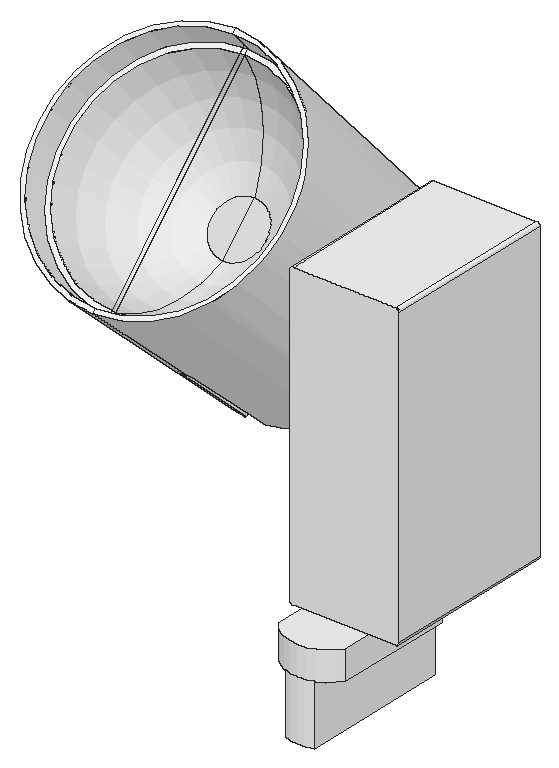
Revit family "0004881 Feilo Sylvania Lighting Fixture START TRACK SPOT L 55W 4K RA90 MB WHITE", category Lighting Fixtures, host Face, Revit 2017
Family settings
  Host = Face
  Round Connector Dimension = Use Diameter
  Part Type = Normal
  OmniClass Number = 23.80.70.00
  OmniClass Title = Lighting
  Cut with Voids When Loaded = No
  Light Source = No
  Shared = No
  Room Calculation Point = No
Parameters (values of type "0004881 START TRACK SPOT L 55W 4K RA90 MB WHITE")
  Weight = "1.398 kg"
  Wattage Comments = ""
  WarrantyStartDate [instance] = "n/a"
  WarrantyGuarantorParts = "n/a"
  WarrantyDurationUnit = "n/a"
  WarrantyDurationParts = "n/a"
  WarrantyDescription = "n/a"
  Voltage = 230 V
  URL = "http://www.sylvania-lighting.com"
  TypeName = "START TRACK SPOT L 55W 4K RA90 MB WHITE"
  TypeHead_FEILO = Start Track Spot Head : 0004881 START TRACK SPOT L 55W 4K RA90 MB WHITE
  TypeBox_FEILO = Start Track Spot Box : Type Large White
  Type Image = <None>
  Type Comments = "n/a"
  VerticalRotation_FEILO [instance] = 0.00°
  SlideEndAngle_FEILO [instance] = VerticalRotation_FEILO + 180.00°  # 180.00°
  SerialNumber [instance] = "n/a"
  Material_3_FEILO = none
  PowerFactor = 0.96
  PowerConsumption = "55 W"
  NominalLength = 0 mm
  NominalHeight = 240 mm
  NominalDepth = 164 mm
  Name = "START TRACK SPOT L 55W 4K RA90 MB WHITE"
  ModelReference = Name  # "START TRACK SPOT L 55W 4K RA90 MB WHITE"
  ModelNumber = "0004881"
  Model = Name  # "START TRACK SPOT L 55W 4K RA90 MB WHITE"
  Material = "adc12 aluminium housing, polycarbonate diffuser"
  ManufacturerName = "Feilo Sylvania"
  Manufacturer = "Feilo Sylvania"
  LuminousEfficacy = "89 lm/W"
  LuminaireType = ""
  LightOutputRatio = "100"
  LampsType = Lamp  # "LED"
  LampNominalLuminous = "4897 lm"
  LampMacAdamStep = "3"
  LampColourTemperature = "4000 K"
  LampColourRenderingIndex = "90"
  Lamp = "LED"
  Keynote = "16500"
  InstallationDate [instance] = "n/a"
  InputVoltage = "230-240V~"
  InputNominalFrequency = "50/60 Hz"
  IngressProtection = "IP20"
  ImpactProtectionIndex = "IK02"
  IfcExportType = "IfcLightFixtureType"
  IfcExportAs = "IfcLightFixtureType"
  HorizontalRotation_FEILO [instance] = 45.00°
  ExpectedLife = 50000
  ElectricShockClassification = "Class II"
  DurationUnit = "hours"
  DocumentationLiterature = "http://www.sylvania-lighting.com/product/en-int/products/0004881"
  DimmingControlOptions = "Non dimmable"
  Material_2_FEILO = none
  Description = "Integrated LED spotlight, Textured White - RAL9016, compact and minimalist design, ideal for retail applications, die-cast aluminium body, passive cooling heatsink. Beam angle: 38°, color temperature: 4000K , total system power: 55W, total fixture output: 4897 lm, LOR: 100%, colour rendering: Ra: 90 typical, LED Chromaticity: 3 step MacAdam ellipse, lifetime: >50000 hours at L70B50, energy class: A++, A+, A, IR/UV free light source without heat radiation, operating voltage: 220-240V / 50-60Hz, drive current: 1400mA, electronic driver, non-dimmable, power factor: 0.96, electrical protection: Class II, Global Track 3 Phase adapter suitable for Global trac 3-circuit tracks, ingress protection rating: IP20, suitable for internal environment only, horizontal rotation: 355°, vertical tilt: 90°, dimensions: Ø113x164x240, weight: 1.398kg."
  Default Elevation = 1219.2 mm
  CreatedOn = "12/12/2017"
  CreatedBy = ""
  Cost = 0
  built-in parameter 1114216 [instance] = (empty or 0)
  ClassificationValue = "EF_70_80"
  ClassificationName = "Uniclass2015"
  Material_1_FEILO = Body-Sylvania-StartTrackSpot-White
  BarCode [instance] = "n/a"
  AssetType = "Fixed"
  AssetIdentifier [instance] = "n/a"
  Assembly Code = "D5020200"
  Apparent Load = 55 VA
  Material_4_FEILO = none
Reference planes
  plane 1 "Center (Front/Back)": y = 0
  plane 2: z = 0
  plane 3 "Center (Left/Right)": x = 0
  plane 4: x = 15
  plane 5: x = -15
  plane 6: y = 35
  plane 7: y = -35
  plane 8: z = 13
  plane 9: z = -27
  plane 10: x = 6.5
  plane 11: x = -6.5
  plane 12: y = 27
  plane 13: y = -27
  plane 14: y = 20
Forms (mm)
  Extrusion 1, solid, material "Body-Sylvania-StartTrackSpot-White" <- "Material_1_FEILO"
    sketch origin (0, 0, 0) x (1, 0, 0) y (0, 1, 0)
      loop
        line (-15, 27) -> (-15, -27)
        arc (-15, -27) -> (0, -35) -> (15, -27) r 18.062
        line (15, -27) -> (15, 27)
        arc (15, 27) -> (0, 35) -> (-15, 27) r 18.062
    from 0 to 13
  Extrusion 2, solid, material "Body-Sylvania-StartTrackSpot-White" <- "Material_1_FEILO"
    sketch origin (0, 0, 0) x (1, 0, 0) y (0, 1, 0)
      loop
        arc (6.5, 33.79) -> (0, 35) -> (-6.5, 33.79) r 18.062
        line (-6.5, 33.79) -> (-6.5, -33.79)
        arc (-6.5, -33.79) -> (0, -35) -> (6.5, -33.79) r 18.062
        line (6.5, -33.79) -> (6.5, 33.79)
    from 0 to -27
  Revolve 3, solid, not visible
    sketch origin (1524, 20, 1219.2) x (1, 0, 0) y (0, 0, 1)
      loop
        line (-1524, -1206.2) -> (-1524, -1191.285) -> (-1530.5, -1191.285) -> (-1530.5, -1206.2) -> (-1524, -1206.2)
      axis (-1524, -1191.285) -> (-1524, -1206.2)
    angle from 0 <- "VerticalRotation_FEILO" to 180 <- "SlideEndAngle_FEILO"
Cuts and joins
  joined: Extrusion 1, Extrusion 2
Dimensions and locks
  equal spacing: plane 10, plane 3 "Center (Left/Right)", plane 11
  equal spacing: plane 4, plane 3 "Center (Left/Right)", plane 5
  locked: plane 8 to plane 2 at 13
  locked: plane 8 to plane 9 at 40
  equal spacing: plane 13, plane 1 "Center (Front/Back)", plane 12
  locked: plane 12 to plane 6 at 8
  locked: plane 14 to plane 6 at 15
  locked: Revolve 3 sketch curve to plane 8 at 14.915
  aligned and locked: plane 2 to host face
  aligned and locked: level to host face
  aligned and locked: plane 5 to Extrusion 1 sketch curve  (x2)
  aligned and locked: plane 12 to Extrusion 1 sketch curve
  aligned and locked: plane 13 to Extrusion 1 sketch curve
  aligned and locked: plane 4 to Extrusion 1 sketch curve
  aligned and locked: Extrusion 1 to plane 8
  aligned and locked: Extrusion 1 to level
  aligned and locked: Extrusion 2 sketch curve to Extrusion 1  (x2)
  aligned and locked: Extrusion 2 sketch curve to plane 11
  aligned and locked: plane 10 to Extrusion 2 sketch curve
  aligned and locked: plane 9 to Extrusion 2
  aligned and locked: level to Extrusion 2
  aligned and locked: Revolve 3 sketch curve to plane 3 "Center (Left/Right)"  (x2)
  aligned and locked: plane 11 to Revolve 3 sketch curve
  aligned and locked: Revolve 3 sketch curve to plane 8
Automatic sketch dimensions
  host sketch curve to host sketch curve = 2438.4 mm  (x2)
  Extrusion 1 sketch curve to plane 3 "Center (Left/Right)" = 0 mm  (x2)
  Extrusion 1 sketch curve to plane 13 = 10.062 mm
  plane 12 to Extrusion 1 sketch curve = 10.062 mm
  Revolve 3 sketch curve to plane 3 "Center (Left/Right)" = 0 mm
  plane 9 to Revolve 3 sketch curve = 582.6 mm
  Revolve 3 sketch curve to Revolve 3 sketch curve = 2581.144 mm
Nested families
  nested 1: "Start Track Spot Head" at (-75.5, 20, 133) x (0, 0.7071, 0.7071) z (0, 0.7071, -0.7071), type <- "TypeHead_FEILO", type "0004881 START TRACK SPOT L 55W 4K RA90 MB WHITE"
    with built-in parameter 1114216 (empty or 0)
  nested 2: "Start Track Spot Box" at (8.5, 20, 85) x (-1, 0, 0) z (0, -1, 0), BoxStartAngle_FEILO <- "HorizontalRotation_FEILO", type <- "TypeBox_FEILO", type "Type Large White"
    with BoxStartAngle_FEILO 45.00°, BoxEndAngle_FEILO -135.00°
Connectors
  electrical at (0, 0, 0), driven by "Apparent Load", driven by "PowerFactor", driven by "Voltage"
    settings: index 1, voltage 230 V, apparent load 55 VA, apparent load phase1 0 VA, apparent load phase2 0 VA, apparent load phase3 0 VA, power factor 0.96, load classification "Lighting", number of poles 1, system type 30, power factor state 1, is connector primary yes, connector utility no, sub classification motor no, connector description ""
Definition of nested family "Start Track Spot Head"
  Parameters (values of type "0004811 START TRACK SPOT S 14W 3K RA80 NB WHITE")
    Wattage Comments = "n/a"
    Wattage = 14 W
    built-in parameter 1150110 = 1 (stored number, unit not read)
    URL = "http://www.feilosylvania.com"
    Type Image = (empty or 0)
    Type Comments = "n/a"
    built-in parameter 1114217 = 1 (stored number, unit not read)
    Tilt Angle = -90.00°
    built-in parameter 1150109 = 1 (stored number, unit not read)
    built-in parameter 1150134 = (empty or 0)
    built-in parameter 1150113 = 1 (stored number, unit not read)
    Photometric Web File = "0004811.ies"
    Material_3_FEILO = none
    Model = "START TRACK SPOT S 14W 3K RA80 NB WHITE"
    Manufacturer = "Feilo Sylvania"
    built-in parameter 1150105 = 123.66 (stored number, unit not read)
    Lumens = 1554 lm
    built-in parameter 1150115 = 1 (stored number, unit not read)
    built-in parameter 1150137 = (empty or 0)
    built-in parameter 1150139 = (empty or 0)
    built-in parameter 1150112 = 1 (stored number, unit not read)
    built-in parameter 1150114 = 1 (stored number, unit not read)
    Lamp = "LED"
    Keynote = "16500"
    Material_2_FEILO = none
    built-in parameter 1150132 = (empty or 0)
    built-in parameter 1150102 = (empty or 0)
    built-in parameter 1150107 = 3000 (stored number, unit not read)
    built-in parameter 1150138 = (empty or 0)
    built-in parameter 1150106 = 1.2366 (stored number, unit not read)
    HeadThickness_FEILO = if(HeadDiaOut_FEILO > 112 mm, 2 mm, 1.5 mm)  # 1.5 mm
    HeadRibOffset_FEILO = HeadHeight_FEILO / 28  # 4.179 mm
    HeadRibDepth_FEILO = HeadHeight_FEILO / 2.1  # 55.714 mm
    HeadRibCutWidth_FEILO = HeadDiaOut_FEILO / 12  # 7.167 mm
    HeadRibCutOffset_FEILO = HeadHeight_FEILO / 2.3  # 50.87 mm
    HeadReflectorRadius_FEILO = HeadDiaOut_FEILO / 1.7  # 50.588 mm
    HeadReflectorOffset_FEILO = HeadHeight_FEILO / 2.1  # 55.714 mm
    HeadLEDRadius_FEILO = HeadDiaOut_FEILO / 9  # 9.556 mm
    HeadHeight_FEILO = 117 mm
    HeadDraft_FEILO = 1 mm
    HeadDiffusorThickness_FEILO = 3 mm
    HeadDiffusorOffset_FEILO = HeadHeight_FEILO / 12.4  # 9.435 mm
    HeadDiaOut_FEILO = 86 mm
    HeadDiaIn_FEILO = HeadDiaOut_FEILO / 1.11  # 77.477 mm
    HeadAxisFromTop_FEILO = HeadHeight_FEILO / 1.687  # 69.354 mm
    Emit from Circle Diameter = HeadDiaIn_FEILO  # 77.477 mm
    Emit Shape Visible in Rendering = no
    built-in parameter 1150104 = 10.312 (stored number, unit not read)
    Dimming Lamp Color Temperature Shift = (empty or 0)
    Description = "Integrated LED spotlight, Textured White - RAL9016, compact and minimalist design, ideal for retail applications, die-cast aluminium body, passive cooling heatsink. Beam angle: 12°, color temperature: 3000K , total system power: 14W, total fixture output: 1551 lm, LOR: 100%, colour rendering: Ra: 80 typical, LED Chromaticity: 3 step MacAdam ellipse, lifetime: >50000 hours at L70B50, energy class: A++, A+, A, IR/UV free light source without heat radiation, operating voltage: 220-240V / 50-60Hz, drive current: 350mA, electronic driver, non-dimmable, power factor: 0.92, electrical protection: Class II, Global Track 3 Phase adapter suitable for Global trac 3-circuit tracks, ingress protection rating: IP20, suitable for internal environment only, horizontal rotation: 355°, vertical tilt: 90°, dimensions: Ø86x140x200, weight: 0.940kg."
    Default Elevation = 1219.2 mm
    Cost = 0
    Color Filter = 16777215
    built-in parameter 1114216 [instance] = (empty or 0)
    Material_1_FEILO = none
    built-in parameter 1114218 = 1 (stored number, unit not read)
    built-in parameter 1150133 = 10 (stored number, unit not read)
    Assembly Code = "D5020200"
    Apparent Load = 14 VA
    Material_4_FEILO = none
  Types (96, lengths in mm): name | Wattage | built-in parameter 1150134 | Photometric Web File | Model | built-in parameter 1150105 | Lumens | built-in parameter 1150107 | built-in parameter 1150106 | HeadThickness_FEILO | HeadRibOffset_FEILO | HeadRibDepth_FEILO | HeadRibCutWidth_FEILO | HeadRibCutOffset_FEILO | HeadReflectorRadius_FEILO | HeadReflectorOffset_FEILO | HeadLEDRadius_FEILO | HeadHeight_FEILO | HeadDiffusorOffset_FEILO | HeadDiaOut_FEILO | HeadDiaIn_FEILO | HeadAxisFromTop_FEILO | Emit from Circle Diameter | built-in parameter 1150104 | Description | Apparent Load
    0004906 START TRACK SPOT L 55W 4K RA90 WB BLACK | 55 W | 12 | "0004906.ies" | "START TRACK SPOT L 55W 4K RA90 WB BLACK" | 385.15 (stored number, unit not read) | 4840 lm | 4000 (stored number, unit not read) | 3.8515 (stored number, unit not read) | 2 | 4.429 | 59.048 | 9.417 | 53.913 | 66.471 | 59.048 | 12.556 | 124 | 10 | 113 | 101.802 | 73.503 | 101.802 | 8.1755 (stored number, unit not read) | "Integrated LED spotlight, Textured Black - RAL9005, compact and minimalist design, ideal for retail applications, die-cast aluminium body, passive cooling heatsink. Beam angle: 52°, color temperature: 4000K , total system power: 55W, total fixture output: 4824 lm, LOR: 100%, colour rendering: Ra: 90 typical, LED Chromaticity: 3 step MacAdam ellipse, lifetime: >50000 hours at L70B50, energy class: A++, A+, A, IR/UV free light source without heat radiation, operating voltage: 220-240V / 50-60Hz, drive current: 1400mA, electronic driver, non-dimmable, power factor: 0.96, electrical protection: Class II, Global Track 3 Phase adapter suitable for Global trac 3-circuit tracks, ingress protection rating: IP20, suitable for internal environment only, horizontal rotation: 355°, vertical tilt: 90°, dimensions: Ø113x164x240, weight: 1.398kg." | 55 VA
    0004905 START TRACK SPOT L 55W 4K RA90 MB BLACK | 55 W | 12 | "0004905.ies" | "START TRACK SPOT L 55W 4K RA90 MB BLACK" | 389.53 (stored number, unit not read) | 4895 lm | 4000 (stored number, unit not read) | 3.8953 (stored number, unit not read) | 2 | 4.429 | 59.048 | 9.417 | 53.913 | 66.471 | 59.048 | 12.556 | 124 | 10 | 113 | 101.802 | 73.503 | 101.802 | 8.2684 (stored number, unit not read) | "Integrated LED spotlight, Textured Black - RAL9005, compact and minimalist design, ideal for retail applications, die-cast aluminium body, passive cooling heatsink. Beam angle: 38°, color temperature: 4000K , total system power: 55W, total fixture output: 4897 lm, LOR: 100%, colour rendering: Ra: 90 typical, LED Chromaticity: 3 step MacAdam ellipse, lifetime: >50000 hours at L70B50, energy class: A++, A+, A, IR/UV free light source without heat radiation, operating voltage: 220-240V / 50-60Hz, drive current: 1400mA, electronic driver, non-dimmable, power factor: 0.96, electrical protection: Class II, Global Track 3 Phase adapter suitable for Global trac 3-circuit tracks, ingress protection rating: IP20, suitable for internal environment only, horizontal rotation: 355°, vertical tilt: 90°, dimensions: Ø113x164x240, weight: 1.398kg." | 55 VA
    0004904 START TRACK SPOT L 55W 4K RA90 NB BLACK | 55 W | 12 | "0004904.ies" | "START TRACK SPOT L 55W 4K RA90 NB BLACK" | 393.91 (stored number, unit not read) | 4950 lm | 4000 (stored number, unit not read) | 3.9391 (stored number, unit not read) | 2 | 4.429 | 59.048 | 9.417 | 53.913 | 66.471 | 59.048 | 12.556 | 124 | 10 | 113 | 101.802 | 73.503 | 101.802 | 8.3613 (stored number, unit not read) | "Integrated LED spotlight, Textured Black - RAL9005, compact and minimalist design, ideal for retail applications, die-cast aluminium body, passive cooling heatsink. Beam angle: 15°, color temperature: 4000K , total system power: 55W, total fixture output: 4965 lm, LOR: 100%, colour rendering: Ra: 90 typical, LED Chromaticity: 3 step MacAdam ellipse, lifetime: >50000 hours at L70B50, energy class: A++, A+, A, IR/UV free light source without heat radiation, operating voltage: 220-240V / 50-60Hz, drive current: 1400mA, electronic driver, non-dimmable, power factor: 0.96, electrical protection: Class II, Global Track 3 Phase adapter suitable for Global trac 3-circuit tracks, ingress protection rating: IP20, suitable for internal environment only, horizontal rotation: 355°, vertical tilt: 90°, dimensions: Ø113x164x240, weight: 1.398kg." | 55 VA
    0004903 START TRACK SPOT L 35W 4K RA90 WB BLACK | 35 W | 12 | "0004903.ies" | "START TRACK SPOT L 35W 4K RA90 WB BLACK" | 284.09 (stored number, unit not read) | 3570 lm | 4000 (stored number, unit not read) | 2.8409 (stored number, unit not read) | 2 | 4.429 | 59.048 | 9.417 | 53.913 | 66.471 | 59.048 | 12.556 | 124 | 10 | 113 | 101.802 | 73.503 | 101.802 | 9.4761 (stored number, unit not read) | "Integrated LED spotlight, Textured Black - RAL9005, compact and minimalist design, ideal for retail applications, die-cast aluminium body, passive cooling heatsink. Beam angle: 52°, color temperature: 4000K , total system power: 35W, total fixture output: 3562 lm, LOR: 100%, colour rendering: Ra: 90 typical, LED Chromaticity: 3 step MacAdam ellipse, lifetime: >50000 hours at L70B50, energy class: A++, A+, A, IR/UV free light source without heat radiation, operating voltage: 220-240V / 50-60Hz, drive current: 900mA, electronic driver, non-dimmable, power factor: 0.93, electrical protection: Class II, Global Track 3 Phase adapter suitable for Global trac 3-circuit tracks, ingress protection rating: IP20, suitable for internal environment only, horizontal rotation: 355°, vertical tilt: 90°, dimensions: Ø113x164x240, weight: 1.368kg." | 35 VA
    0004902 START TRACK SPOT L 35W 4K RA90 MB BLACK | 35 W | 12 | "0004902.ies" | "START TRACK SPOT L 35W 4K RA90 MB BLACK" | 286.88 (stored number, unit not read) | 3605 lm | 4000 (stored number, unit not read) | 2.8688 (stored number, unit not read) | 2 | 4.429 | 59.048 | 9.417 | 53.913 | 66.471 | 59.048 | 12.556 | 124 | 10 | 113 | 101.802 | 73.503 | 101.802 | 9.569 (stored number, unit not read) | "Integrated LED spotlight, Textured Black - RAL9005, compact and minimalist design, ideal for retail applications, die-cast aluminium body, passive cooling heatsink. Beam angle: 38°, color temperature: 4000K , total system power: 35W, total fixture output: 3616 lm, LOR: 100%, colour rendering: Ra: 90 typical, LED Chromaticity: 3 step MacAdam ellipse, lifetime: >50000 hours at L70B50, energy class: A++, A+, A, IR/UV free light source without heat radiation, operating voltage: 220-240V / 50-60Hz, drive current: 900mA, electronic driver, non-dimmable, power factor: 0.93, electrical protection: Class II, Global Track 3 Phase adapter suitable for Global trac 3-circuit tracks, ingress protection rating: IP20, suitable for internal environment only, horizontal rotation: 355°, vertical tilt: 90°, dimensions: Ø113x164x240, weight: 1.368kg." | 35 VA
    0004901 START TRACK SPOT L 35W 4K RA90 NB BLACK | 35 W | 12 | "0004901.ies" | "START TRACK SPOT L 35W 4K RA90 NB BLACK" | 286.88 (stored number, unit not read) | 3605 lm | 4000 (stored number, unit not read) | 2.8688 (stored number, unit not read) | 2 | 4.429 | 59.048 | 9.417 | 53.913 | 66.471 | 59.048 | 12.556 | 124 | 10 | 113 | 101.802 | 73.503 | 101.802 | 9.569 (stored number, unit not read) | "Integrated LED spotlight, Textured Black - RAL9005, compact and minimalist design, ideal for retail applications, die-cast aluminium body, passive cooling heatsink. Beam angle: 15°, color temperature: 4000K , total system power: 35W, total fixture output: 3593 lm, LOR: 100%, colour rendering: Ra: 90 typical, LED Chromaticity: 3 step MacAdam ellipse, lifetime: >50000 hours at L70B50, energy class: A++, A+, A, IR/UV free light source without heat radiation, operating voltage: 220-240V / 50-60Hz, drive current: 900mA, electronic driver, non-dimmable, power factor: 0.93, electrical protection: Class II, Global Track 3 Phase adapter suitable for Global trac 3-circuit tracks, ingress protection rating: IP20, suitable for internal environment only, horizontal rotation: 355°, vertical tilt: 90°, dimensions: Ø113x164x240, weight: 1.368kg." | 35 VA
    0004900 START TRACK SPOT S 24W 4K RA90 WB BLACK | 24 W | 12 | "0004900.ies" | "START TRACK SPOT S 24W 4K RA90 WB BLACK" | 166.16 (stored number, unit not read) | 2088 lm | 4000 (stored number, unit not read) | 1.6616 (stored number, unit not read) | 1.5 | 4.179 | 55.714 | 7.167 | 50.87 | 50.588 | 55.714 | 9.556 | 117 | 9.435 | 86 | 77.477 | 69.354 | 77.477 | 8.0826 (stored number, unit not read) | "Integrated LED spotlight, Textured Black - RAL9005, compact and minimalist design, ideal for retail applications, die-cast aluminium body, passive cooling heatsink. Beam angle: 64°, color temperature: 4000K , total system power: 24W, total fixture output: 2087 lm, LOR: 100%, colour rendering: Ra: 90 typical, LED Chromaticity: 3 step MacAdam ellipse, lifetime: >50000 hours at L70B50, energy class: A++, A+, A, IR/UV free light source without heat radiation, operating voltage: 220-240V / 50-60Hz, drive current: 600mA, electronic driver, non-dimmable, power factor: 0.95, electrical protection: Class II, Global Track 3 Phase adapter suitable for Global trac 3-circuit tracks, ingress protection rating: IP20, suitable for internal environment only, horizontal rotation: 355°, vertical tilt: 90°, dimensions: Ø86x140x200, weight: 0.966kg." | 24 VA
    0004899 START TRACK SPOT S 24W 4K RA90 MB BLACK | 24 W | 12 | "0004899.ies" | "START TRACK SPOT S 24W 4K RA90 MB BLACK" | 169.98 (stored number, unit not read) | 2136 lm | 4000 (stored number, unit not read) | 1.6998 (stored number, unit not read) | 1.5 | 4.179 | 55.714 | 7.167 | 50.87 | 50.588 | 55.714 | 9.556 | 117 | 9.435 | 86 | 77.477 | 69.354 | 77.477 | 8.2684 (stored number, unit not read) | "Integrated LED spotlight, Textured Black - RAL9005, compact and minimalist design, ideal for retail applications, die-cast aluminium body, passive cooling heatsink. Beam angle: 36°, color temperature: 4000K , total system power: 24W, total fixture output: 2141 lm, LOR: 100%, colour rendering: Ra: 90 typical, LED Chromaticity: 3 step MacAdam ellipse, lifetime: >50000 hours at L70B50, energy class: A++, A+, A, IR/UV free light source without heat radiation, operating voltage: 220-240V / 50-60Hz, drive current: 600mA, electronic driver, non-dimmable, power factor: 0.95, electrical protection: Class II, Global Track 3 Phase adapter suitable for Global trac 3-circuit tracks, ingress protection rating: IP20, suitable for internal environment only, horizontal rotation: 355°, vertical tilt: 90°, dimensions: Ø86x140x200, weight: 0.966kg." | 24 VA
    0004898 START TRACK SPOT S 24W 4K RA90 NB BLACK | 24 W | 12 | "0004898.ies" | "START TRACK SPOT S 24W 4K RA90 NB BLACK" | 171.89 (stored number, unit not read) | 2160 lm | 4000 (stored number, unit not read) | 1.7189 (stored number, unit not read) | 1.5 | 4.179 | 55.714 | 7.167 | 50.87 | 50.588 | 55.714 | 9.556 | 117 | 9.435 | 86 | 77.477 | 69.354 | 77.477 | 8.3613 (stored number, unit not read) | "Integrated LED spotlight, Textured Black - RAL9005, compact and minimalist design, ideal for retail applications, die-cast aluminium body, passive cooling heatsink. Beam angle: 12°, color temperature: 4000K , total system power: 24W, total fixture output: 2155 lm, LOR: 100%, colour rendering: Ra: 90 typical, LED Chromaticity: 3 step MacAdam ellipse, lifetime: >50000 hours at L70B50, energy class: A++, A+, A, IR/UV free light source without heat radiation, operating voltage: 220-240V / 50-60Hz, drive current: 600mA, electronic driver, non-dimmable, power factor: 0.95, electrical protection: Class II, Global Track 3 Phase adapter suitable for Global trac 3-circuit tracks, ingress protection rating: IP20, suitable for internal environment only, horizontal rotation: 355°, vertical tilt: 90°, dimensions: Ø86x140x200, weight: 0.966kg." | 24 VA
    0004897 START TRACK SPOT S 14W 4K RA90 WB BLACK | 14 W | 12 | "0004897.ies" | "START TRACK SPOT S 14W 4K RA90 WB BLACK" | 108.07 (stored number, unit not read) | 1358 lm | 4000 (stored number, unit not read) | 1.0807 (stored number, unit not read) | 1.5 | 4.179 | 55.714 | 7.167 | 50.87 | 50.588 | 55.714 | 9.556 | 117 | 9.435 | 86 | 77.477 | 69.354 | 77.477 | 9.0116 (stored number, unit not read) | "Integrated LED spotlight, Textured Black - RAL9005, compact and minimalist design, ideal for retail applications, die-cast aluminium body, passive cooling heatsink. Beam angle: 64°, color temperature: 4000K , total system power: 14W, total fixture output: 1352 lm, LOR: 100%, colour rendering: Ra: 90 typical, LED Chromaticity: 3 step MacAdam ellipse, lifetime: >50000 hours at L70B50, energy class: A++, A+, A, IR/UV free light source without heat radiation, operating voltage: 220-240V / 50-60Hz, drive current: 350mA, electronic driver, non-dimmable, power factor: 0.92, electrical protection: Class II, Global Track 3 Phase adapter suitable for Global trac 3-circuit tracks, ingress protection rating: IP20, suitable for internal environment only, horizontal rotation: 355°, vertical tilt: 90°, dimensions: Ø86x140x200, weight: 0.940kg." | 14 VA
    0004896 START TRACK SPOT S 14W 4K RA90 MB BLACK | 14 W | 12 | "0004896.ies" | "START TRACK SPOT S 14W 4K RA90 MB BLACK" | 108.07 (stored number, unit not read) | 1358 lm | 4000 (stored number, unit not read) | 1.0807 (stored number, unit not read) | 1.5 | 4.179 | 55.714 | 7.167 | 50.87 | 50.588 | 55.714 | 9.556 | 117 | 9.435 | 86 | 77.477 | 69.354 | 77.477 | 9.0116 (stored number, unit not read) | "Integrated LED spotlight, Textured Black - RAL9005, compact and minimalist design, ideal for retail applications, die-cast aluminium body, passive cooling heatsink. Beam angle: 36°, color temperature: 4000K , total system power: 14W, total fixture output: 1359 lm, LOR: 100%, colour rendering: Ra: 90 typical, LED Chromaticity: 3 step MacAdam ellipse, lifetime: >50000 hours at L70B50, energy class: A++, A+, A, IR/UV free light source without heat radiation, operating voltage: 220-240V / 50-60Hz, drive current: 350mA, electronic driver, non-dimmable, power factor: 0.92, electrical protection: Class II, Global Track 3 Phase adapter suitable for Global trac 3-circuit tracks, ingress protection rating: IP20, suitable for internal environment only, horizontal rotation: 355°, vertical tilt: 90°, dimensions: Ø86x140x200, weight: 0.940kg." | 14 VA
    0004895 START TRACK SPOT S 14W 4K RA90 NB BLACK | 14 W | 12 | "0004895.ies" | "START TRACK SPOT S 14W 4K RA90 NB BLACK" | 106.95 (stored number, unit not read) | 1344 lm | 4000 (stored number, unit not read) | 1.0695 (stored number, unit not read) | 1.5 | 4.179 | 55.714 | 7.167 | 50.87 | 50.588 | 55.714 | 9.556 | 117 | 9.435 | 86 | 77.477 | 69.354 | 77.477 | 8.9187 (stored number, unit not read) | "Integrated LED spotlight, Textured Black - RAL9005, compact and minimalist design, ideal for retail applications, die-cast aluminium body, passive cooling heatsink. Beam angle: 12°, color temperature: 4000K , total system power: 14W, total fixture output: 1349 lm, LOR: 100%, colour rendering: Ra: 90 typical, LED Chromaticity: 3 step MacAdam ellipse, lifetime: >50000 hours at L70B50, energy class: A++, A+, A, IR/UV free light source without heat radiation, operating voltage: 220-240V / 50-60Hz, drive current: 350mA, electronic driver, non-dimmable, power factor: 0.92, electrical protection: Class II, Global Track 3 Phase adapter suitable for Global trac 3-circuit tracks, ingress protection rating: IP20, suitable for internal environment only, horizontal rotation: 355°, vertical tilt: 90°, dimensions: Ø86x140x200, weight: 0.940kg." | 14 VA
    0004894 START TRACK SPOT L 55W 3K RA90 WB BLACK | 55 W | (empty or 0) | "0004894.ies" | "START TRACK SPOT L 55W 3K RA90 WB BLACK" | 350.14 (stored number, unit not read) | 4400 lm | 3000 (stored number, unit not read) | 3.5014 (stored number, unit not read) | 2 | 4.429 | 59.048 | 9.417 | 53.913 | 66.471 | 59.048 | 12.556 | 124 | 10 | 113 | 101.802 | 73.503 | 101.802 | 7.4322 (stored number, unit not read) | "Integrated LED spotlight, Textured Black - RAL9005, compact and minimalist design, ideal for retail applications, die-cast aluminium body, passive cooling heatsink. Beam angle: 52°, color temperature: 3000K , total system power: 55W, total fixture output: 4405 lm, LOR: 100%, colour rendering: Ra: 90 typical, LED Chromaticity: 3 step MacAdam ellipse, lifetime: >50000 hours at L70B50, energy class: A++, A+, A, IR/UV free light source without heat radiation, operating voltage: 220-240V / 50-60Hz, drive current: 1400mA, electronic driver, non-dimmable, power factor: 0.96, electrical protection: Class II, Global Track 3 Phase adapter suitable for Global trac 3-circuit tracks, ingress protection rating: IP20, suitable for internal environment only, horizontal rotation: 355°, vertical tilt: 90°, dimensions: Ø113x164x240, weight: 1.398kg." | 55 VA
    0004893 START TRACK SPOT L 55W 3K RA90 MB BLACK | 55 W | (empty or 0) | "0004893.ies" | "START TRACK SPOT L 55W 3K RA90 MB BLACK" | 354.52 (stored number, unit not read) | 4455 lm | 3000 (stored number, unit not read) | 3.5452 (stored number, unit not read) | 2 | 4.429 | 59.048 | 9.417 | 53.913 | 66.471 | 59.048 | 12.556 | 124 | 10 | 113 | 101.802 | 73.503 | 101.802 | 7.5251 (stored number, unit not read) | "Integrated LED spotlight, Textured Black - RAL9005, compact and minimalist design, ideal for retail applications, die-cast aluminium body, passive cooling heatsink. Beam angle: 38°, color temperature: 3000K , total system power: 55W, total fixture output: 4448 lm, LOR: 100%, colour rendering: Ra: 90 typical, LED Chromaticity: 3 step MacAdam ellipse, lifetime: >50000 hours at L70B50, energy class: A++, A+, A, IR/UV free light source without heat radiation, operating voltage: 220-240V / 50-60Hz, drive current: 1400mA, electronic driver, non-dimmable, power factor: 0.96, electrical protection: Class II, Global Track 3 Phase adapter suitable for Global trac 3-circuit tracks, ingress protection rating: IP20, suitable for internal environment only, horizontal rotation: 355°, vertical tilt: 90°, dimensions: Ø113x164x240, weight: 1.398kg." | 55 VA
    0004892 START TRACK SPOT L 55W 3K RA90 NB BLACK | 55 W | (empty or 0) | "0004892.ies" | "START TRACK SPOT L 55W 3K RA90 NB BLACK" | 350.14 (stored number, unit not read) | 4400 lm | 3000 (stored number, unit not read) | 3.5014 (stored number, unit not read) | 2 | 4.429 | 59.048 | 9.417 | 53.913 | 66.471 | 59.048 | 12.556 | 124 | 10 | 113 | 101.802 | 73.503 | 101.802 | 7.4322 (stored number, unit not read) | "Integrated LED spotlight, Textured Black - RAL9005, compact and minimalist design, ideal for retail applications, die-cast aluminium body, passive cooling heatsink. Beam angle: 15°, color temperature: 3000K , total system power: 55W, total fixture output: 4416 lm, LOR: 100%, colour rendering: Ra: 90 typical, LED Chromaticity: 3 step MacAdam ellipse, lifetime: >50000 hours at L70B50, energy class: A++, A+, A, IR/UV free light source without heat radiation, operating voltage: 220-240V / 50-60Hz, drive current: 1400mA, electronic driver, non-dimmable, power factor: 0.96, electrical protection: Class II, Global Track 3 Phase adapter suitable for Global trac 3-circuit tracks, ingress protection rating: IP20, suitable for internal environment only, horizontal rotation: 355°, vertical tilt: 90°, dimensions: Ø113x164x240, weight: 1.398kg." | 55 VA
    0004891 START TRACK SPOT L 35W 3K RA90 WB BLACK | 35 W | (empty or 0) | "0004891.ies" | "START TRACK SPOT L 35W 3K RA90 WB BLACK" | 259.02 (stored number, unit not read) | 3255 lm | 3000 (stored number, unit not read) | 2.5902 (stored number, unit not read) | 2 | 4.429 | 59.048 | 9.417 | 53.913 | 66.471 | 59.048 | 12.556 | 124 | 10 | 113 | 101.802 | 73.503 | 101.802 | 8.64 (stored number, unit not read) | "Integrated LED spotlight, Textured Black - RAL9005, compact and minimalist design, ideal for retail applications, die-cast aluminium body, passive cooling heatsink. Beam angle: 52°, color temperature: 3000K , total system power: 35W, total fixture output: 3260 lm, LOR: 100%, colour rendering: Ra: 90 typical, LED Chromaticity: 3 step MacAdam ellipse, lifetime: >50000 hours at L70B50, energy class: A++, A+, A, IR/UV free light source without heat radiation, operating voltage: 220-240V / 50-60Hz, drive current: 900mA, electronic driver, non-dimmable, power factor: 0.93, electrical protection: Class II, Global Track 3 Phase adapter suitable for Global trac 3-circuit tracks, ingress protection rating: IP20, suitable for internal environment only, horizontal rotation: 355°, vertical tilt: 90°, dimensions: Ø113x164x240, weight: 1.368kg." | 35 VA
    0004890 START TRACK SPOT L 35W 3K RA90 MB BLACK | 35 W | (empty or 0) | "0004890.ies" | "START TRACK SPOT L 35W 3K RA90 MB BLACK" | 261.81 (stored number, unit not read) | 3290 lm | 3000 (stored number, unit not read) | 2.6181 (stored number, unit not read) | 2 | 4.429 | 59.048 | 9.417 | 53.913 | 66.471 | 59.048 | 12.556 | 124 | 10 | 113 | 101.802 | 73.503 | 101.802 | 8.7329 (stored number, unit not read) | "Integrated LED spotlight, Textured Black - RAL9005, compact and minimalist design, ideal for retail applications, die-cast aluminium body, passive cooling heatsink. Beam angle: 38°, color temperature: 3000K , total system power: 35W, total fixture output: 3306 lm, LOR: 100%, colour rendering: Ra: 90 typical, LED Chromaticity: 3 step MacAdam ellipse, lifetime: >50000 hours at L70B50, energy class: A++, A+, A, IR/UV free light source without heat radiation, operating voltage: 220-240V / 50-60Hz, drive current: 900mA, electronic driver, non-dimmable, power factor: 0.93, electrical protection: Class II, Global Track 3 Phase adapter suitable for Global trac 3-circuit tracks, ingress protection rating: IP20, suitable for internal environment only, horizontal rotation: 355°, vertical tilt: 90°, dimensions: Ø113x164x240, weight: 1.368kg." | 35 VA
    0004889 START TRACK SPOT L 35W 3K RA90 NB BLACK | 35 W | (empty or 0) | "0004889.ies" | "START TRACK SPOT L 35W 3K RA90 NB BLACK" | 261.81 (stored number, unit not read) | 3290 lm | 3000 (stored number, unit not read) | 2.6181 (stored number, unit not read) | 2 | 4.429 | 59.048 | 9.417 | 53.913 | 66.471 | 59.048 | 12.556 | 124 | 10 | 113 | 101.802 | 73.503 | 101.802 | 8.7329 (stored number, unit not read) | "Integrated LED spotlight, Textured Black - RAL9005, compact and minimalist design, ideal for retail applications, die-cast aluminium body, passive cooling heatsink. Beam angle: 15°, color temperature: 3000K , total system power: 35W, total fixture output: 3287 lm, LOR: 100%, colour rendering: Ra: 90 typical, LED Chromaticity: 3 step MacAdam ellipse, lifetime: >50000 hours at L70B50, energy class: A++, A+, A, IR/UV free light source without heat radiation, operating voltage: 220-240V / 50-60Hz, drive current: 900mA, electronic driver, non-dimmable, power factor: 0.93, electrical protection: Class II, Global Track 3 Phase adapter suitable for Global trac 3-circuit tracks, ingress protection rating: IP20, suitable for internal environment only, horizontal rotation: 355°, vertical tilt: 90°, dimensions: Ø113x164x240, weight: 1.368kg." | 35 VA
    0004888 START TRACK SPOT S 24W 3K RA90 WB BLACK | 24 W | (empty or 0) | "0004888.ies" | "START TRACK SPOT S 24W 3K RA90 WB BLACK" | 152.79 (stored number, unit not read) | 1920 lm | 3000 (stored number, unit not read) | 1.5279 (stored number, unit not read) | 1.5 | 4.179 | 55.714 | 7.167 | 50.87 | 50.588 | 55.714 | 9.556 | 117 | 9.435 | 86 | 77.477 | 69.354 | 77.477 | 7.4322 (stored number, unit not read) | "Integrated LED spotlight, Textured Black - RAL9005, compact and minimalist design, ideal for retail applications, die-cast aluminium body, passive cooling heatsink. Beam angle: 64°, color temperature: 3000K , total system power: 24W, total fixture output: 1928 lm, LOR: 100%, colour rendering: Ra: 90 typical, LED Chromaticity: 3 step MacAdam ellipse, lifetime: >50000 hours at L70B50, energy class: A++, A+, A, IR/UV free light source without heat radiation, operating voltage: 220-240V / 50-60Hz, drive current: 600mA, electronic driver, non-dimmable, power factor: 0.95, electrical protection: Class II, Global Track 3 Phase adapter suitable for Global trac 3-circuit tracks, ingress protection rating: IP20, suitable for internal environment only, horizontal rotation: 355°, vertical tilt: 90°, dimensions: Ø86x140x200, weight: 0.966kg." | 24 VA
    0004887 START TRACK SPOT S 24W 3K RA90 MB BLACK | 24 W | (empty or 0) | "0004887.ies" | "START TRACK SPOT S 24W 3K RA90 MB BLACK" | 154.7 (stored number, unit not read) | 1944 lm | 3000 (stored number, unit not read) | 1.547 (stored number, unit not read) | 1.5 | 4.179 | 55.714 | 7.167 | 50.87 | 50.588 | 55.714 | 9.556 | 117 | 9.435 | 86 | 77.477 | 69.354 | 77.477 | 7.5251 (stored number, unit not read) | "Integrated LED spotlight, Textured Black - RAL9005, compact and minimalist design, ideal for retail applications, die-cast aluminium body, passive cooling heatsink. Beam angle: 36°, color temperature: 3000K , total system power: 24W, total fixture output: 1944 lm, LOR: 100%, colour rendering: Ra: 90 typical, LED Chromaticity: 3 step MacAdam ellipse, lifetime: >50000 hours at L70B50, energy class: A++, A+, A, IR/UV free light source without heat radiation, operating voltage: 220-240V / 50-60Hz, drive current: 600mA, electronic driver, non-dimmable, power factor: 0.95, electrical protection: Class II, Global Track 3 Phase adapter suitable for Global trac 3-circuit tracks, ingress protection rating: IP20, suitable for internal environment only, horizontal rotation: 355°, vertical tilt: 90°, dimensions: Ø86x140x200, weight: 0.966kg." | 24 VA
    0004886 START TRACK SPOT S 24W 3K RA90 NB BLACK | 24 W | (empty or 0) | "0004886.ies" | "START TRACK SPOT S 24W 3K RA90 NB BLACK" | 158.52 (stored number, unit not read) | 1992 lm | 3000 (stored number, unit not read) | 1.5852 (stored number, unit not read) | 1.5 | 4.179 | 55.714 | 7.167 | 50.87 | 50.588 | 55.714 | 9.556 | 117 | 9.435 | 86 | 77.477 | 69.354 | 77.477 | 7.711 (stored number, unit not read) | "Integrated LED spotlight, Textured Black - RAL9005, compact and minimalist design, ideal for retail applications, die-cast aluminium body, passive cooling heatsink. Beam angle: 12°, color temperature: 3000K , total system power: 24W, total fixture output: 1987 lm, LOR: 100%, colour rendering: Ra: 90 typical, LED Chromaticity: 3 step MacAdam ellipse, lifetime: >50000 hours at L70B50, energy class: A++, A+, A, IR/UV free light source without heat radiation, operating voltage: 220-240V / 50-60Hz, drive current: 600mA, electronic driver, non-dimmable, power factor: 0.95, electrical protection: Class II, Global Track 3 Phase adapter suitable for Global trac 3-circuit tracks, ingress protection rating: IP20, suitable for internal environment only, horizontal rotation: 355°, vertical tilt: 90°, dimensions: Ø86x140x200, weight: 0.966kg." | 24 VA
    0004885 START TRACK SPOT S 14W 3K RA90 WB BLACK | 14 W | (empty or 0) | "0004885.ies" | "START TRACK SPOT S 14W 3K RA90 WB BLACK" | 100.27 (stored number, unit not read) | 1260 lm | 3000 (stored number, unit not read) | 1.0027 (stored number, unit not read) | 1.5 | 4.179 | 55.714 | 7.167 | 50.87 | 50.588 | 55.714 | 9.556 | 117 | 9.435 | 86 | 77.477 | 69.354 | 77.477 | 8.3613 (stored number, unit not read) | "Integrated LED spotlight, Textured Black - RAL9005, compact and minimalist design, ideal for retail applications, die-cast aluminium body, passive cooling heatsink. Beam angle: 64°, color temperature: 3000K , total system power: 14W, total fixture output: 1262 lm, LOR: 100%, colour rendering: Ra: 90 typical, LED Chromaticity: 3 step MacAdam ellipse, lifetime: >50000 hours at L70B50, energy class: A++, A+, A, IR/UV free light source without heat radiation, operating voltage: 220-240V / 50-60Hz, drive current: 350mA, electronic driver, non-dimmable, power factor: 0.92, electrical protection: Class II, Global Track 3 Phase adapter suitable for Global trac 3-circuit tracks, ingress protection rating: IP20, suitable for internal environment only, horizontal rotation: 355°, vertical tilt: 90°, dimensions: Ø86x140x200, weight: 0.940kg." | 14 VA
    0004884 START TRACK SPOT S 14W 3K RA90 MB BLACK | 14 W | (empty or 0) | "0004884.ies" | "START TRACK SPOT S 14W 3K RA90 MB BLACK" | 100.27 (stored number, unit not read) | 1260 lm | 3000 (stored number, unit not read) | 1.0027 (stored number, unit not read) | 1.5 | 4.179 | 55.714 | 7.167 | 50.87 | 50.588 | 55.714 | 9.556 | 117 | 9.435 | 86 | 77.477 | 69.354 | 77.477 | 8.3613 (stored number, unit not read) | "Integrated LED spotlight, Textured Black - RAL9005, compact and minimalist design, ideal for retail applications, die-cast aluminium body, passive cooling heatsink. Beam angle: 36°, color temperature: 3000K , total system power: 14W, total fixture output: 1262 lm, LOR: 100%, colour rendering: Ra: 90 typical, LED Chromaticity: 3 step MacAdam ellipse, lifetime: >50000 hours at L70B50, energy class: A++, A+, A, IR/UV free light source without heat radiation, operating voltage: 220-240V / 50-60Hz, drive current: 350mA, electronic driver, non-dimmable, power factor: 0.92, electrical protection: Class II, Global Track 3 Phase adapter suitable for Global trac 3-circuit tracks, ingress protection rating: IP20, suitable for internal environment only, horizontal rotation: 355°, vertical tilt: 90°, dimensions: Ø86x140x200, weight: 0.940kg." | 14 VA
    0004883 START TRACK SPOT S 14W 3K RA90 NB BLACK | 14 W | (empty or 0) | "0004883.ies" | "START TRACK SPOT S 14W 3K RA90 NB BLACK" | 102.5 (stored number, unit not read) | 1288 lm | 3000 (stored number, unit not read) | 1.025 (stored number, unit not read) | 1.5 | 4.179 | 55.714 | 7.167 | 50.87 | 50.588 | 55.714 | 9.556 | 117 | 9.435 | 86 | 77.477 | 69.354 | 77.477 | 8.5471 (stored number, unit not read) | "Integrated LED spotlight, Textured Black - RAL9005, compact and minimalist design, ideal for retail applications, die-cast aluminium body, passive cooling heatsink. Beam angle: 12°, color temperature: 3000K , total system power: 14W, total fixture output: 1284 lm, LOR: 100%, colour rendering: Ra: 90 typical, LED Chromaticity: 3 step MacAdam ellipse, lifetime: >50000 hours at L70B50, energy class: A++, A+, A, IR/UV free light source without heat radiation, operating voltage: 220-240V / 50-60Hz, drive current: 350mA, electronic driver, non-dimmable, power factor: 0.92, electrical protection: Class II, Global Track 3 Phase adapter suitable for Global trac 3-circuit tracks, ingress protection rating: IP20, suitable for internal environment only, horizontal rotation: 355°, vertical tilt: 90°, dimensions: Ø86x140x200, weight: 0.940kg." | 14 VA
    0004882 START TRACK SPOT L 55W 4K RA90 WB WHITE | 55 W | 12 | "0004882.ies" | "START TRACK SPOT L 55W 4K RA90 WB WHITE" | 385.15 (stored number, unit not read) | 4840 lm | 4000 (stored number, unit not read) | 3.8515 (stored number, unit not read) | 2 | 4.429 | 59.048 | 9.417 | 53.913 | 66.471 | 59.048 | 12.556 | 124 | 10 | 113 | 101.802 | 73.503 | 101.802 | 8.1755 (stored number, unit not read) | "Integrated LED spotlight, Textured White - RAL9016, compact and minimalist design, ideal for retail applications, die-cast aluminium body, passive cooling heatsink. Beam angle: 52°, color temperature: 4000K , total system power: 55W, total fixture output: 4824 lm, LOR: 100%, colour rendering: Ra: 90 typical, LED Chromaticity: 3 step MacAdam ellipse, lifetime: >50000 hours at L70B50, energy class: A++, A+, A, IR/UV free light source without heat radiation, operating voltage: 220-240V / 50-60Hz, drive current: 1400mA, electronic driver, non-dimmable, power factor: 0.96, electrical protection: Class II, Global Track 3 Phase adapter suitable for Global trac 3-circuit tracks, ingress protection rating: IP20, suitable for internal environment only, horizontal rotation: 355°, vertical tilt: 90°, dimensions: Ø113x164x240, weight: 1.398kg." | 55 VA
    0004881 START TRACK SPOT L 55W 4K RA90 MB WHITE | 55 W | 12 | "0004881.ies" | "START TRACK SPOT L 55W 4K RA90 MB WHITE" | 389.53 (stored number, unit not read) | 4895 lm | 4000 (stored number, unit not read) | 3.8953 (stored number, unit not read) | 2 | 4.429 | 59.048 | 9.417 | 53.913 | 66.471 | 59.048 | 12.556 | 124 | 10 | 113 | 101.802 | 73.503 | 101.802 | 8.2684 (stored number, unit not read) | "Integrated LED spotlight, Textured White - RAL9016, compact and minimalist design, ideal for retail applications, die-cast aluminium body, passive cooling heatsink. Beam angle: 38°, color temperature: 4000K , total system power: 55W, total fixture output: 4897 lm, LOR: 100%, colour rendering: Ra: 90 typical, LED Chromaticity: 3 step MacAdam ellipse, lifetime: >50000 hours at L70B50, energy class: A++, A+, A, IR/UV free light source without heat radiation, operating voltage: 220-240V / 50-60Hz, drive current: 1400mA, electronic driver, non-dimmable, power factor: 0.96, electrical protection: Class II, Global Track 3 Phase adapter suitable for Global trac 3-circuit tracks, ingress protection rating: IP20, suitable for internal environment only, horizontal rotation: 355°, vertical tilt: 90°, dimensions: Ø113x164x240, weight: 1.398kg." | 55 VA
    0004880 START TRACK SPOT L 55W 4K RA90 NB WHITE | 55 W | 12 | "0004880.ies" | "START TRACK SPOT L 55W 4K RA90 NB WHITE" | 393.91 (stored number, unit not read) | 4950 lm | 4000 (stored number, unit not read) | 3.9391 (stored number, unit not read) | 2 | 4.429 | 59.048 | 9.417 | 53.913 | 66.471 | 59.048 | 12.556 | 124 | 10 | 113 | 101.802 | 73.503 | 101.802 | 8.3613 (stored number, unit not read) | "Integrated LED spotlight, Textured White - RAL9016, compact and minimalist design, ideal for retail applications, die-cast aluminium body, passive cooling heatsink. Beam angle: 15°, color temperature: 4000K , total system power: 55W, total fixture output: 4965 lm, LOR: 100%, colour rendering: Ra: 90 typical, LED Chromaticity: 3 step MacAdam ellipse, lifetime: >50000 hours at L70B50, energy class: A++, A+, A, IR/UV free light source without heat radiation, operating voltage: 220-240V / 50-60Hz, drive current: 1400mA, electronic driver, non-dimmable, power factor: 0.96, electrical protection: Class II, Global Track 3 Phase adapter suitable for Global trac 3-circuit tracks, ingress protection rating: IP20, suitable for internal environment only, horizontal rotation: 355°, vertical tilt: 90°, dimensions: Ø113x164x240, weight: 1.398kg." | 55 VA
    0004879 START TRACK SPOT L 35W 4K RA90 WB WHITE | 35 W | 12 | "0004879.ies" | "START TRACK SPOT L 35W 4K RA90 WB WHITE" | 284.09 (stored number, unit not read) | 3570 lm | 4000 (stored number, unit not read) | 2.8409 (stored number, unit not read) | 2 | 4.429 | 59.048 | 9.417 | 53.913 | 66.471 | 59.048 | 12.556 | 124 | 10 | 113 | 101.802 | 73.503 | 101.802 | 9.4761 (stored number, unit not read) | "Integrated LED spotlight, Textured White - RAL9016, compact and minimalist design, ideal for retail applications, die-cast aluminium body, passive cooling heatsink. Beam angle: 52°, color temperature: 4000K , total system power: 35W, total fixture output: 3562 lm, LOR: 100%, colour rendering: Ra: 90 typical, LED Chromaticity: 3 step MacAdam ellipse, lifetime: >50000 hours at L70B50, energy class: A++, A+, A, IR/UV free light source without heat radiation, operating voltage: 220-240V / 50-60Hz, drive current: 900mA, electronic driver, non-dimmable, power factor: 0.93, electrical protection: Class II, Global Track 3 Phase adapter suitable for Global trac 3-circuit tracks, ingress protection rating: IP20, suitable for internal environment only, horizontal rotation: 355°, vertical tilt: 90°, dimensions: Ø113x164x240, weight: 1.368kg." | 35 VA
    0004878 START TRACK SPOT L 35W 4K RA90 MB WHITE | 35 W | 12 | "0004878.ies" | "START TRACK SPOT L 35W 4K RA90 MB WHITE" | 286.88 (stored number, unit not read) | 3605 lm | 4000 (stored number, unit not read) | 2.8688 (stored number, unit not read) | 2 | 4.429 | 59.048 | 9.417 | 53.913 | 66.471 | 59.048 | 12.556 | 124 | 10 | 113 | 101.802 | 73.503 | 101.802 | 9.569 (stored number, unit not read) | "Integrated LED spotlight, Textured White - RAL9016, compact and minimalist design, ideal for retail applications, die-cast aluminium body, passive cooling heatsink. Beam angle: 38°, color temperature: 4000K , total system power: 35W, total fixture output: 3616 lm, LOR: 100%, colour rendering: Ra: 90 typical, LED Chromaticity: 3 step MacAdam ellipse, lifetime: >50000 hours at L70B50, energy class: A++, A+, A, IR/UV free light source without heat radiation, operating voltage: 220-240V / 50-60Hz, drive current: 900mA, electronic driver, non-dimmable, power factor: 0.93, electrical protection: Class II, Global Track 3 Phase adapter suitable for Global trac 3-circuit tracks, ingress protection rating: IP20, suitable for internal environment only, horizontal rotation: 355°, vertical tilt: 90°, dimensions: Ø113x164x240, weight: 1.368kg." | 35 VA
    0004877 START TRACK SPOT L 35W 4K RA90 NB WHITE | 35 W | 12 | "0004877.ies" | "START TRACK SPOT L 35W 4K RA90 NB WHITE" | 286.88 (stored number, unit not read) | 3605 lm | 4000 (stored number, unit not read) | 2.8688 (stored number, unit not read) | 2 | 4.429 | 59.048 | 9.417 | 53.913 | 66.471 | 59.048 | 12.556 | 124 | 10 | 113 | 101.802 | 73.503 | 101.802 | 9.569 (stored number, unit not read) | "Integrated LED spotlight, Textured White - RAL9016, compact and minimalist design, ideal for retail applications, die-cast aluminium body, passive cooling heatsink. Beam angle: 15°, color temperature: 4000K , total system power: 35W, total fixture output: 3593 lm, LOR: 100%, colour rendering: Ra: 90 typical, LED Chromaticity: 3 step MacAdam ellipse, lifetime: >50000 hours at L70B50, energy class: A++, A+, A, IR/UV free light source without heat radiation, operating voltage: 220-240V / 50-60Hz, drive current: 900mA, electronic driver, non-dimmable, power factor: 0.93, electrical protection: Class II, Global Track 3 Phase adapter suitable for Global trac 3-circuit tracks, ingress protection rating: IP20, suitable for internal environment only, horizontal rotation: 355°, vertical tilt: 90°, dimensions: Ø113x164x240, weight: 1.368kg." | 35 VA
    0004876 START TRACK SPOT S 24W 4K RA90 WB WHITE | 24 W | 12 | "0004876.ies" | "START TRACK SPOT S 24W 4K RA90 WB WHITE" | 166.16 (stored number, unit not read) | 2088 lm | 4000 (stored number, unit not read) | 1.6616 (stored number, unit not read) | 1.5 | 4.179 | 55.714 | 7.167 | 50.87 | 50.588 | 55.714 | 9.556 | 117 | 9.435 | 86 | 77.477 | 69.354 | 77.477 | 8.0826 (stored number, unit not read) | "Integrated LED spotlight, Textured White - RAL9016, compact and minimalist design, ideal for retail applications, die-cast aluminium body, passive cooling heatsink. Beam angle: 64°, color temperature: 4000K , total system power: 24W, total fixture output: 2087 lm, LOR: 100%, colour rendering: Ra: 90 typical, LED Chromaticity: 3 step MacAdam ellipse, lifetime: >50000 hours at L70B50, energy class: A++, A+, A, IR/UV free light source without heat radiation, operating voltage: 220-240V / 50-60Hz, drive current: 600mA, electronic driver, non-dimmable, power factor: 0.95, electrical protection: Class II, Global Track 3 Phase adapter suitable for Global trac 3-circuit tracks, ingress protection rating: IP20, suitable for internal environment only, horizontal rotation: 355°, vertical tilt: 90°, dimensions: Ø86x140x200, weight: 0.966kg." | 24 VA
    0004875 START TRACK SPOT S 24W 4K RA90 MB WHITE | 24 W | 12 | "0004875.ies" | "START TRACK SPOT S 24W 4K RA90 MB WHITE" | 169.98 (stored number, unit not read) | 2136 lm | 4000 (stored number, unit not read) | 1.6998 (stored number, unit not read) | 1.5 | 4.179 | 55.714 | 7.167 | 50.87 | 50.588 | 55.714 | 9.556 | 117 | 9.435 | 86 | 77.477 | 69.354 | 77.477 | 8.2684 (stored number, unit not read) | "Integrated LED spotlight, Textured White - RAL9016, compact and minimalist design, ideal for retail applications, die-cast aluminium body, passive cooling heatsink. Beam angle: 36°, color temperature: 4000K , total system power: 24W, total fixture output: 2141 lm, LOR: 100%, colour rendering: Ra: 90 typical, LED Chromaticity: 3 step MacAdam ellipse, lifetime: >50000 hours at L70B50, energy class: A++, A+, A, IR/UV free light source without heat radiation, operating voltage: 220-240V / 50-60Hz, drive current: 600mA, electronic driver, non-dimmable, power factor: 0.95, electrical protection: Class II, Global Track 3 Phase adapter suitable for Global trac 3-circuit tracks, ingress protection rating: IP20, suitable for internal environment only, horizontal rotation: 355°, vertical tilt: 90°, dimensions: Ø86x140x200, weight: 0.966kg." | 24 VA
    0004874 START TRACK SPOT S 24W 4K RA90 NB WHITE | 24 W | 12 | "0004874.ies" | "START TRACK SPOT S 24W 4K RA90 NB WHITE" | 171.89 (stored number, unit not read) | 2160 lm | 4000 (stored number, unit not read) | 1.7189 (stored number, unit not read) | 1.5 | 4.179 | 55.714 | 7.167 | 50.87 | 50.588 | 55.714 | 9.556 | 117 | 9.435 | 86 | 77.477 | 69.354 | 77.477 | 8.3613 (stored number, unit not read) | "Integrated LED spotlight, Textured White - RAL9016, compact and minimalist design, ideal for retail applications, die-cast aluminium body, passive cooling heatsink. Beam angle: 12°, color temperature: 4000K , total system power: 24W, total fixture output: 2155 lm, LOR: 100%, colour rendering: Ra: 90 typical, LED Chromaticity: 3 step MacAdam ellipse, lifetime: >50000 hours at L70B50, energy class: A++, A+, A, IR/UV free light source without heat radiation, operating voltage: 220-240V / 50-60Hz, drive current: 600mA, electronic driver, non-dimmable, power factor: 0.95, electrical protection: Class II, Global Track 3 Phase adapter suitable for Global trac 3-circuit tracks, ingress protection rating: IP20, suitable for internal environment only, horizontal rotation: 355°, vertical tilt: 90°, dimensions: Ø86x140x200, weight: 0.966kg." | 24 VA
    0004873 START TRACK SPOT S 14W 4K RA90 WB WHITE | 14 W | 12 | "0004873.ies" | "START TRACK SPOT S 14W 4K RA90 WB WHITE" | 108.07 (stored number, unit not read) | 1358 lm | 4000 (stored number, unit not read) | 1.0807 (stored number, unit not read) | 1.5 | 4.179 | 55.714 | 7.167 | 50.87 | 50.588 | 55.714 | 9.556 | 117 | 9.435 | 86 | 77.477 | 69.354 | 77.477 | 9.0116 (stored number, unit not read) | "Integrated LED spotlight, Textured White - RAL9016, compact and minimalist design, ideal for retail applications, die-cast aluminium body, passive cooling heatsink. Beam angle: 64°, color temperature: 4000K , total system power: 14W, total fixture output: 1352 lm, LOR: 100%, colour rendering: Ra: 90 typical, LED Chromaticity: 3 step MacAdam ellipse, lifetime: >50000 hours at L70B50, energy class: A++, A+, A, IR/UV free light source without heat radiation, operating voltage: 220-240V / 50-60Hz, drive current: 350mA, electronic driver, non-dimmable, power factor: 0.92, electrical protection: Class II, Global Track 3 Phase adapter suitable for Global trac 3-circuit tracks, ingress protection rating: IP20, suitable for internal environment only, horizontal rotation: 355°, vertical tilt: 90°, dimensions: Ø86x140x200, weight: 0.940kg." | 14 VA
    0004872 START TRACK SPOT S 14W 4K RA90 MB WHITE | 14 W | 12 | "0004872.ies" | "START TRACK SPOT S 14W 4K RA90 MB WHITE" | 108.07 (stored number, unit not read) | 1358 lm | 4000 (stored number, unit not read) | 1.0807 (stored number, unit not read) | 1.5 | 4.179 | 55.714 | 7.167 | 50.87 | 50.588 | 55.714 | 9.556 | 117 | 9.435 | 86 | 77.477 | 69.354 | 77.477 | 9.0116 (stored number, unit not read) | "Integrated LED spotlight, Textured White - RAL9016, compact and minimalist design, ideal for retail applications, die-cast aluminium body, passive cooling heatsink. Beam angle: 36°, color temperature: 4000K , total system power: 14W, total fixture output: 1359 lm, LOR: 100%, colour rendering: Ra: 90 typical, LED Chromaticity: 3 step MacAdam ellipse, lifetime: >50000 hours at L70B50, energy class: A++, A+, A, IR/UV free light source without heat radiation, operating voltage: 220-240V / 50-60Hz, drive current: 350mA, electronic driver, non-dimmable, power factor: 0.92, electrical protection: Class II, Global Track 3 Phase adapter suitable for Global trac 3-circuit tracks, ingress protection rating: IP20, suitable for internal environment only, horizontal rotation: 355°, vertical tilt: 90°, dimensions: Ø86x140x200, weight: 0.940kg." | 14 VA
    0004871 START TRACK SPOT S 14W 4K RA90 NB WHITE | 14 W | 12 | "0004871.ies" | "START TRACK SPOT S 14W 4K RA90 NB WHITE" | 106.95 (stored number, unit not read) | 1344 lm | 4000 (stored number, unit not read) | 1.0695 (stored number, unit not read) | 1.5 | 4.179 | 55.714 | 7.167 | 50.87 | 50.588 | 55.714 | 9.556 | 117 | 9.435 | 86 | 77.477 | 69.354 | 77.477 | 8.9187 (stored number, unit not read) | "Integrated LED spotlight, Textured White - RAL9016, compact and minimalist design, ideal for retail applications, die-cast aluminium body, passive cooling heatsink. Beam angle: 12°, color temperature: 4000K , total system power: 14W, total fixture output: 1349 lm, LOR: 100%, colour rendering: Ra: 90 typical, LED Chromaticity: 3 step MacAdam ellipse, lifetime: >50000 hours at L70B50, energy class: A++, A+, A, IR/UV free light source without heat radiation, operating voltage: 220-240V / 50-60Hz, drive current: 350mA, electronic driver, non-dimmable, power factor: 0.92, electrical protection: Class II, Global Track 3 Phase adapter suitable for Global trac 3-circuit tracks, ingress protection rating: IP20, suitable for internal environment only, horizontal rotation: 355°, vertical tilt: 90°, dimensions: Ø86x140x200, weight: 0.940kg." | 14 VA
    0004870 START TRACK SPOT L 55W 3K RA90 WB WHITE | 55 W | (empty or 0) | "0004870.ies" | "START TRACK SPOT L 55W 3K RA90 WB WHITE" | 350.14 (stored number, unit not read) | 4400 lm | 3000 (stored number, unit not read) | 3.5014 (stored number, unit not read) | 2 | 4.429 | 59.048 | 9.417 | 53.913 | 66.471 | 59.048 | 12.556 | 124 | 10 | 113 | 101.802 | 73.503 | 101.802 | 7.4322 (stored number, unit not read) | "Integrated LED spotlight, Textured White - RAL9016, compact and minimalist design, ideal for retail applications, die-cast aluminium body, passive cooling heatsink. Beam angle: 52°, color temperature: 3000K , total system power: 55W, total fixture output: 4405 lm, LOR: 100%, colour rendering: Ra: 90 typical, LED Chromaticity: 3 step MacAdam ellipse, lifetime: >50000 hours at L70B50, energy class: A++, A+, A, IR/UV free light source without heat radiation, operating voltage: 220-240V / 50-60Hz, drive current: 1400mA, electronic driver, non-dimmable, power factor: 0.96, electrical protection: Class II, Global Track 3 Phase adapter suitable for Global trac 3-circuit tracks, ingress protection rating: IP20, suitable for internal environment only, horizontal rotation: 355°, vertical tilt: 90°, dimensions: Ø113x164x240, weight: 1.398kg." | 55 VA
    0004869 START TRACK SPOT L 55W 3K RA90 MB WHITE | 55 W | (empty or 0) | "0004869.ies" | "START TRACK SPOT L 55W 3K RA90 MB WHITE" | 354.52 (stored number, unit not read) | 4455 lm | 3000 (stored number, unit not read) | 3.5452 (stored number, unit not read) | 2 | 4.429 | 59.048 | 9.417 | 53.913 | 66.471 | 59.048 | 12.556 | 124 | 10 | 113 | 101.802 | 73.503 | 101.802 | 7.5251 (stored number, unit not read) | "Integrated LED spotlight, Textured White - RAL9016, compact and minimalist design, ideal for retail applications, die-cast aluminium body, passive cooling heatsink. Beam angle: 38°, color temperature: 3000K , total system power: 55W, total fixture output: 4448 lm, LOR: 100%, colour rendering: Ra: 90 typical, LED Chromaticity: 3 step MacAdam ellipse, lifetime: >50000 hours at L70B50, energy class: A++, A+, A, IR/UV free light source without heat radiation, operating voltage: 220-240V / 50-60Hz, drive current: 1400mA, electronic driver, non-dimmable, power factor: 0.96, electrical protection: Class II, Global Track 3 Phase adapter suitable for Global trac 3-circuit tracks, ingress protection rating: IP20, suitable for internal environment only, horizontal rotation: 355°, vertical tilt: 90°, dimensions: Ø113x164x240, weight: 1.398kg." | 55 VA
    0004868 START TRACK SPOT L 55W 3K RA90 NB WHITE | 55 W | (empty or 0) | "0004868.ies" | "START TRACK SPOT L 55W 3K RA90 NB WHITE" | 350.14 (stored number, unit not read) | 4400 lm | 3000 (stored number, unit not read) | 3.5014 (stored number, unit not read) | 2 | 4.429 | 59.048 | 9.417 | 53.913 | 66.471 | 59.048 | 12.556 | 124 | 10 | 113 | 101.802 | 73.503 | 101.802 | 7.4322 (stored number, unit not read) | "Integrated LED spotlight, Textured White - RAL9016, compact and minimalist design, ideal for retail applications, die-cast aluminium body, passive cooling heatsink. Beam angle: 15°, color temperature: 3000K , total system power: 55W, total fixture output: 4416 lm, LOR: 100%, colour rendering: Ra: 90 typical, LED Chromaticity: 3 step MacAdam ellipse, lifetime: >50000 hours at L70B50, energy class: A++, A+, A, IR/UV free light source without heat radiation, operating voltage: 220-240V / 50-60Hz, drive current: 1400mA, electronic driver, non-dimmable, power factor: 0.96, electrical protection: Class II, Global Track 3 Phase adapter suitable for Global trac 3-circuit tracks, ingress protection rating: IP20, suitable for internal environment only, horizontal rotation: 355°, vertical tilt: 90°, dimensions: Ø113x164x240, weight: 1.398kg." | 55 VA
    0004867 START TRACK SPOT L 35W 3K RA90 WB WHITE | 35 W | (empty or 0) | "0004867.ies" | "START TRACK SPOT L 35W 3K RA90 WB WHITE" | 259.02 (stored number, unit not read) | 3255 lm | 3000 (stored number, unit not read) | 2.5902 (stored number, unit not read) | 2 | 4.429 | 59.048 | 9.417 | 53.913 | 66.471 | 59.048 | 12.556 | 124 | 10 | 113 | 101.802 | 73.503 | 101.802 | 8.64 (stored number, unit not read) | "Integrated LED spotlight, Textured White - RAL9016, compact and minimalist design, ideal for retail applications, die-cast aluminium body, passive cooling heatsink. Beam angle: 52°, color temperature: 3000K , total system power: 35W, total fixture output: 3260 lm, LOR: 100%, colour rendering: Ra: 90 typical, LED Chromaticity: 3 step MacAdam ellipse, lifetime: >50000 hours at L70B50, energy class: A++, A+, A, IR/UV free light source without heat radiation, operating voltage: 220-240V / 50-60Hz, drive current: 900mA, electronic driver, non-dimmable, power factor: 0.93, electrical protection: Class II, Global Track 3 Phase adapter suitable for Global trac 3-circuit tracks, ingress protection rating: IP20, suitable for internal environment only, horizontal rotation: 355°, vertical tilt: 90°, dimensions: Ø113x164x240, weight: 1.368kg." | 35 VA
    0004866 START TRACK SPOT L 35W 3K RA90 MB WHITE | 35 W | (empty or 0) | "0004866.ies" | "START TRACK SPOT L 35W 3K RA90 MB WHITE" | 261.81 (stored number, unit not read) | 3290 lm | 3000 (stored number, unit not read) | 2.6181 (stored number, unit not read) | 2 | 4.429 | 59.048 | 9.417 | 53.913 | 66.471 | 59.048 | 12.556 | 124 | 10 | 113 | 101.802 | 73.503 | 101.802 | 8.7329 (stored number, unit not read) | "Integrated LED spotlight, Textured White - RAL9016, compact and minimalist design, ideal for retail applications, die-cast aluminium body, passive cooling heatsink. Beam angle: 38°, color temperature: 3000K , total system power: 35W, total fixture output: 3306 lm, LOR: 100%, colour rendering: Ra: 90 typical, LED Chromaticity: 3 step MacAdam ellipse, lifetime: >50000 hours at L70B50, energy class: A++, A+, A, IR/UV free light source without heat radiation, operating voltage: 220-240V / 50-60Hz, drive current: 900mA, electronic driver, non-dimmable, power factor: 0.93, electrical protection: Class II, Global Track 3 Phase adapter suitable for Global trac 3-circuit tracks, ingress protection rating: IP20, suitable for internal environment only, horizontal rotation: 355°, vertical tilt: 90°, dimensions: Ø113x164x240, weight: 1.368kg." | 35 VA
    0004865 START TRACK SPOT L 35W 3K RA90 NB WHITE | 35 W | (empty or 0) | "0004865.ies" | "START TRACK SPOT L 35W 3K RA90 NB WHITE" | 261.81 (stored number, unit not read) | 3290 lm | 3000 (stored number, unit not read) | 2.6181 (stored number, unit not read) | 2 | 4.429 | 59.048 | 9.417 | 53.913 | 66.471 | 59.048 | 12.556 | 124 | 10 | 113 | 101.802 | 73.503 | 101.802 | 8.7329 (stored number, unit not read) | "Integrated LED spotlight, Textured White - RAL9016, compact and minimalist design, ideal for retail applications, die-cast aluminium body, passive cooling heatsink. Beam angle: 15°, color temperature: 3000K , total system power: 35W, total fixture output: 3287 lm, LOR: 100%, colour rendering: Ra: 90 typical, LED Chromaticity: 3 step MacAdam ellipse, lifetime: >50000 hours at L70B50, energy class: A++, A+, A, IR/UV free light source without heat radiation, operating voltage: 220-240V / 50-60Hz, drive current: 900mA, electronic driver, non-dimmable, power factor: 0.93, electrical protection: Class II, Global Track 3 Phase adapter suitable for Global trac 3-circuit tracks, ingress protection rating: IP20, suitable for internal environment only, horizontal rotation: 355°, vertical tilt: 90°, dimensions: Ø113x164x240, weight: 1.368kg." | 35 VA
